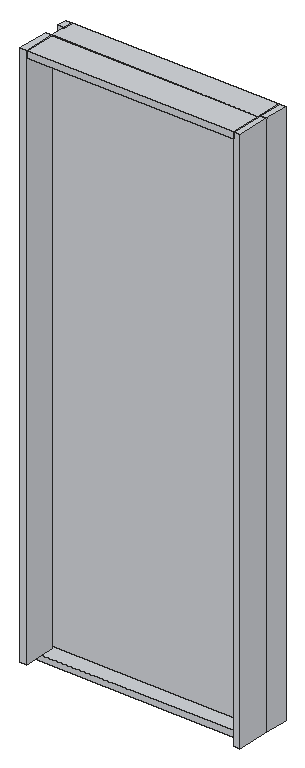
Revit family "Dor_片引き戸_引込み", category ドア, Revit 2020
Family settings
  ホスト = 壁
  常に垂直 = はい
  ロード時にボイドで切り取り = はい
  共有 = いいえ
  部屋計算ポイント = いいえ
Parameters (values of type "片引き戸_引込み")
  開口逃げ位置表示 [instance] = no
  金物_施錠方式(外) = ""
  金物_施錠方式(内) = ""
  金物_支持金物 = ""
  金物_操作金物 = ""
  金物_戸当り = ""
  金物_固定金物 = ""
  金物_フランス落し = ""
  金物_クローザー = ""
  逃げ_左 = 60 mm
  逃げ_右 = 60 mm
  解析用性能 = "<なし>"
  符号_建具記号 = ""
  符号_建具番号 = ""
  法_随時閉鎖 = yes
  法_防火性能 = ""
  法_遮煙 = yes
  法_常時閉鎖 = yes
  沓摺表示 [instance] = yes
  枠見付上_外側 = 25 mm
  枠見付上_内側 = 25 mm
  文字_ガラス厚 = ""
  引き残し = 120 mm
  沓摺見込_Kg [instance] = 150 mm
  ラベル_遮煙 = if(法_遮煙, "S", " ")  # "S"
  ラベル_法囲み = if(法_常時閉鎖, "□", if(法_随時閉鎖, "〇", " "))  # "□"
  マテリアル_ハンドル = none
  ボード厚 [instance] = 25 mm
  ドアパネルタイプ = DP_フラッシュ : フラッシュ
  スリット/小窓位置：戸先 [instance] = yes
  クリアランス_戸尻枠 = 30 mm
  クリアランス_壁パネル間 = 10 mm
  ガラス厚 = 6 mm
  calc_沓摺幅 = パネル幅1 + calc_戸尻位置 + クリアランス_戸尻枠  # 1560 mm
  沓摺タイプ = Kg_沓摺_引込み : Kg_沓摺_引込み
  次による断熱プロパティの定義 = スキーマティック タイプ
  文字_額縁材質 = ""
  文字_額縁仕上 = ""
  文字_沓摺材質 = ""
  文字_沓摺仕上 = ""
  文字_枠材質 = ""
  文字_枠仕上 = ""
  文字_建具材質 = ""
  文字_建具仕上 = ""
  文字_取付場所 = ""
  文字_備考 = ""
  文字_パネル厚 = ""
  文字_ガラリ材質 = ""
  文字_ガラリ仕上 = ""
  文字_ガラス材質 = ""
  文字_アンダーカット = ""
  性能_遮音 = ""
  性能_気密 = ""
  形状_沓摺形状 = ""
  形状_枠形状 = ""
  形状_建具形式 = ""
  形状_ガラリ形状 = ""
  calc_戸袋見込 = パネル厚 + 14 mm + LOCK  # 59 mm
  calc_戸尻位置 = パネル幅1 - 引き残し  # 705 mm
  calc_壁芯ずれ [instance] = オフセット_内側 / 2 + LOCK  # 25 mm
  マテリアル_沓摺 = none
  マテリアル_枠 = none
  マテリアル_パネル = none
  マテリアル_ガラリ = none
  マテリアル_ガラス = none
  パネル幅2 = 0 mm  # constant formula
  パネル幅1 = 幅 + 枠見付  # 825 mm
  引手表示 [instance] = yes
  Keynote = ""
  オフセット_内側 [instance] = 50 mm
  calc_全幅 = W寸法 + calc_戸尻位置 + クリアランス_戸尻枠 + 枠見付  # 1560 mm
  calc_パネル中心_幅 = 枠見付 / 2 + LOCK  # 12.5 mm
  calc_パネル中心_厚 [instance] = ボード厚 + LGS厚 / 2 + 枠ちり外 + LOCK  # 68.5 mm
  W寸法 = 800 mm
  LOCK = 0 mm  # constant formula
  Function = (empty or 0)
  Description = ""
  Rough Width = 0 mm
  高さ = H寸法 + LOCK  # 2100 mm
  枠見付 = 25 mm
  枠ちり外 = 10 mm
  枠ちり内 = 10 mm
  引手_高さ = 900 mm
  引手_オフセット = 80 mm
  戸当見込 = 50 mm
  戸当見付 = 15 mm
  Construction Type = ""
  Wall Closure = (empty or 0)
  幅 = W寸法 + LOCK  # 800 mm
  Rough Height = 0 mm
  パネル高 = 高さ - アンダーカット  # 2095 mm
  パネル幅 = パネル幅1 + LOCK  # 825 mm
  パネル厚 = 45 mm
  アンダーカット = 5 mm
  LGS厚 [instance] = 67 mm
  H寸法 = 2100 mm
Reference planes
  plane 1: y = 0.417
  plane 2 "中心(左/右)": x = 0
  plane 3 "EXT.": y = 75.417
  plane 4 "内壁": y = -74.583
  plane 5 "左": x = -400
  plane 6 "右": x = 400
  plane 7 "上側": z = 2100
  plane 8: z = 0
  plane 9 "枠ちり外": y = 85.417
  plane 10 "枠外側左": x = -425
  plane 11 "枠外側右": x = 425
  plane 12 "枠見付_上": z = 2125
  plane 13: z = 5
  plane 14 "オフセット": y = -124.583
  plane 15 "枠ちり内": y = -134.583
  plane 16: y = 65.417
  plane 17: x = -430
  plane 18: x = 430
  plane 19: y = 65.417
  plane 20: y = -114.583
  plane 21: y = -129.583
  plane 22 "パネル中心": y = 16.917
  plane 23: z = 900
  plane 24 "ボード厚": y = 50.417
  plane 25: x = -1130
  plane 26: x = -1160
  plane 27: x = -1185
  plane 28: z = 2125
  plane 29 "パネル幅中心": x = -12.5
  plane 30 "引手位置": x = 320
  plane 31 "沓摺中心": x = -380
  plane 32: y = 65
  plane 33: z = 1050
  plane 34 "LGS厚": y = -16.583
  plane 35 "戸袋内側": y = -12.583
  plane 36 "戸袋外側": y = 46.417
  plane 37: x = -420
  plane 38: y = 80.417
  plane 39: y = 39.417
  plane 40: y = -5.583
  plane 41: z = 2127
  plane 42: z = 2128
  plane 43: y = -14.583
  plane 44: y = -5.583
  plane 45: y = 39.417
  plane 46 "壁芯": y = -61.583
  plane 47: x = -280
Forms (mm)
  Extrusion 1, void
    sketch origin (0, 0, 0) x (1, 0, 0) y (0, 1, 0)
      loop
        line (-425, -124.583) -> (425, -124.583) -> (425, 50.417) -> (-425, 50.417) -> (-425, -124.583)
    from 0 to 2125
  Extrusion 2, void
    sketch origin (0, 0, 0) x (1, 0, 0) y (0, 1, 0)
      loop
        line (-425, 75.417) -> (-425, 46.417) -> (425, 46.417) -> (425, 75.417) -> (-425, 75.417)
    from 0 to 2125
  Extrusion 3, solid, material <- "マテリアル_枠"
    sketch origin (0, 0, 0) x (1, 0, 0) y (0, 1, 0)
      loop
        line (-400, 85.417) -> (-400, -12.583) -> (400, -12.583) -> (400, 85.417) -> (-400, 85.417)
    from 2100 to 2125
  Extrusion 4, solid, material <- "マテリアル_枠"
    sketch origin (0, 0, 0) x (1, 0, 0) y (0, 1, 0)
      loop
        line (-400, -134.583) -> (400, -134.583) -> (400, 46.417) -> (-400, 46.417) -> (-400, -134.583)
    from 2100 to 2125
  Extrusion 5, solid, material <- "マテリアル_枠"
    sketch origin (0, 0, 0) x (1, 0, 0) y (0, 1, 0)
      loop
        line (-425, -134.583) -> (-400, -134.583) -> (-400, -12.583) -> (-425, -12.583) -> (-425, -134.583)
      loop
        line (400, -134.583) -> (425, -134.583) -> (425, -5.583) -> (400, -5.583) -> (400, -134.583)
    from 0 to 2125
  Extrusion 6, solid, material <- "マテリアル_枠"
    sketch origin (0, 0, 0) x (1, 0, 0) y (0, 1, 0)
      loop
        line (-425, 46.417) -> (-400, 46.417) -> (-400, 85.417) -> (-425, 85.417) -> (-425, 46.417)
      loop
        line (400, -5.583) -> (425, -5.583) -> (425, 85.417) -> (400, 85.417) -> (400, -5.583)
    from 0 to 2125
  Extrusion 7, void
    sketch origin (0, 0, 0) x (1, 0, 0) y (0, 1, 0)
      loop
        line (-1185, -16.583) -> (-425, -16.583) -> (-425, 50.417) -> (-1185, 50.417) -> (-1185, -16.583)
    from 0 to 2125
Cuts and joins
  Extrusion 7 cuts Extrusion 5
  Extrusion 7 cuts Extrusion 6
Lines and regions (mm)
  Masking region 1
    outline origin (0, 0, 0) x (0, 1, 0) y (0, 0, 1)
      loop
        line (39.417, 2100) -> (-5.583, 2100) -> (-5.583, 5) -> (39.417, 5) -> (39.417, 2100)
  Masking region 2
    outline origin (0, 0, 0) x (0, 1, 0) y (0, 0, 1)
      loop
        line (65.417, 2125) -> (65.417, 2128) -> (-14.583, 2128) -> (-14.583, 2127) -> (-114.583, 2127) -> (-114.583, 2125) -> (-134.583, 2125) -> (-134.583, 2100) -> (85.417, 2100) -> (85.417, 2125) -> (65.417, 2125)
  Masking region 3, detail levels medium+fine
    outline origin (0, 0, 0) x (1, 0, 0) y (0, 1, 0)
      loop
        line (-425, -12.583) -> (-425, -134.583) -> (-400, -134.583) -> (-400, -12.583) -> (-425, -12.583)
      loop
        line (425, -134.583) -> (425, 85.417) -> (400, 85.417) -> (400, -134.583) -> (425, -134.583)
      loop
        line (-1185, -16.583) -> (-1160, -16.583) -> (-1160, 50.417) -> (-1185, 50.417) -> (-1185, -16.583)
      loop
        line (-425, 85.417) -> (-425, 46.417) -> (-400, 46.417) -> (-400, 85.417) -> (-425, 85.417)
  Masking region 4, detail levels coarse
    outline origin (0, 0, 0) x (1, 0, 0) y (0, 1, 0)
      loop
        line (-430, -16.583) -> (-430, -124.583) -> (-400, -124.583) -> (-400, -16.583) -> (-430, -16.583)
      loop
        line (430, 75.417) -> (400, 75.417) -> (400, -124.583) -> (430, -124.583) -> (430, 75.417)
      loop
        line (-430, 50.417) -> (-400, 50.417) -> (-400, 75.417) -> (-430, 75.417) -> (-430, 50.417)
      loop
        line (-1160, 50.417) -> (-1160, 55.417) -> (-1190, 55.417) -> (-1190, -21.583) -> (-1160, -21.583) -> (-1160, -16.583) -> (-1160, 50.417)
  Masking region 5, detail levels medium+fine
    outline origin (0, 0, 0) x (1, 0, 0) y (0, 1, 0)
      loop
        line (-425, -16.583) -> (-425, -12.583) -> (-420, -12.583) -> (-420, 46.417) -> (-425, 46.417) -> (-425, 50.417) -> (-1160, 50.417) -> (-1160, -16.583) -> (-425, -16.583)
  Masking region 6, detail levels coarse
    outline origin (0, 0, 0) x (1, 0, 0) y (0, 1, 0)
      loop
        line (-1160, -16.583) -> (-425, -16.583) -> (-400, -16.583) -> (-400, 50.417) -> (-425, 50.417) -> (-1160, 50.417) -> (-1160, -16.583)
  Masking region 7
    outline origin (0, 0, 0) x (0, 1, 0) y (0, 0, 1)
      loop
        line (-134.583, 5) -> (-5.583, 5) -> (-5.583, 2100) -> (-134.583, 2100) -> (-134.583, 5)
      loop
        line (85.417, 5) -> (85.417, 2100) -> (39.417, 2100) -> (39.417, 5) -> (85.417, 5)
  symbolic lines
    curve 1: line (0, 135.417, 0) -> (0, -184.583, 0)
Text (mm)
  text "EXT." at (-2295.016, 1099.543, 0), in view "基準レベル"
  text "外部" at (0, 1615.38, 3698.081), in view "左"
  text "外部" at (0, 1036.032, 3874.932), in view "右"
  text "内部" at (0, -1175.082, 3874.932), in view "右"
  text "内部" at (-2295.016, -1087.353, 0), in view "基準レベル"
Dimensions and locks
  equal spacing: plane 5 "左", plane 2 "中心(左/右)", plane 6 "右"
  locked: plane 3 "EXT." to host wall
  locked: plane 4 "内壁" to host wall
  "W寸法": plane 5 "左" to plane 6 "右"
  "H寸法": plane 8 to plane 7 "上側"
  "枠ちり外": plane 3 "EXT." to plane 9 "枠ちり外"
  "枠ちり内": plane 14 "オフセット" to plane 15 "枠ちり内"
  "アンダーカット": plane 13 to plane 8
  locked: plane 3 "EXT." to plane 16 at 10
  locked: curve 1 to plane 9 "枠ちり外" at 50
  locked: plane 15 "枠ちり内" to curve 1 at 50
  plane 4 "内壁" to plane 3 "EXT." = 150 mm
  locked: plane 17 to plane 10 "枠外側左" at 5
  locked: plane 11 "枠外側右" to plane 18 at 5
  locked: plane 19 to plane 3 "EXT." at 10
  locked: plane 20 to plane 14 "オフセット" at 10
  locked: plane 14 "オフセット" to plane 21 at 5
  "calc_パネル中心_厚": plane 9 "枠ちり外" to plane 22 "パネル中心"
  "引手_高さ": plane 23 to level
  "枠見付": plane 6 "右" to plane 11 "枠外側右"
  "枠見付": plane 10 "枠外側左" to plane 5 "左"
  plane 7 "上側" to plane 12 "枠見付_上" = 25 mm
  "クリアランス_戸尻枠": plane 26 to plane 25
  "枠見付": plane 27 to plane 26
  "枠見付上_外側": plane 12 "枠見付_上" to plane 7 "上側"
  "枠見付上_内側": plane 28 to plane 7 "上側"
  "calc_パネル中心_幅": plane 29 "パネル幅中心" to plane 2 "中心(左/右)"
  "calc_戸尻位置": plane 25 to plane 10 "枠外側左"
  equal spacing: plane 26, plane 31 "沓摺中心", plane 6 "右"
  "引手_オフセット": plane 30 "引手位置" to plane 6 "右"
  plane 32 to plane 3 "EXT." = 10.417 mm
  equal spacing: plane 8, plane 33, plane 7 "上側"
  "ボード厚": plane 24 "ボード厚" to plane 3 "EXT."
  "LGS厚": plane 24 "ボード厚" to plane 34 "LGS厚"
  equal spacing: plane 36 "戸袋外側", plane 22 "パネル中心", plane 35 "戸袋内側"
  "calc_戸袋見込": plane 36 "戸袋外側" to plane 35 "戸袋内側"
  plane 10 "枠外側左" to plane 37 = 5 mm
  plane 3 "EXT." to plane 38 = 5 mm
  equal spacing: plane 39, plane 22 "パネル中心", plane 40
  "パネル厚": plane 39 to plane 40
  plane 28 to plane 41 = 2 mm
  plane 42 to plane 12 "枠見付_上" = 3 mm
  "オフセット_内側": plane 4 "内壁" to plane 14 "オフセット"
  plane 35 "戸袋内側" to plane 43 = 2 mm
  equal spacing: plane 45, plane 22 "パネル中心", plane 44
  "パネル厚": plane 45 to plane 44
  locked: plane 34 "LGS厚" to plane 46 "壁芯" at 45
  locked: Masking region 4 sketch curve to plane 27 at 5
  locked: Masking region 4 sketch curve to plane 24 "ボード厚" at 5
  locked: plane 34 "LGS厚" to Masking region 4 sketch curve at 5
  "引き残し": plane 5 "左" to plane 47
  aligned and locked: plane 1 to host wall
  aligned and locked: level to plane 8
  aligned and locked: Extrusion 2 sketch curve to host wall
  aligned and locked: plane 10 "枠外側左" to Extrusion 2 sketch curve
  aligned and locked: plane 11 "枠外側右" to Extrusion 2 sketch curve
  aligned and locked: plane 12 "枠見付_上" to Extrusion 2
  aligned and locked: Extrusion 1 to plane 14 "オフセット"
  aligned and locked: Masking region 2 sketch curve to plane 15 "枠ちり内"
  aligned and locked: plane 9 "枠ちり外" to Masking region 2 sketch curve
  aligned and locked: Masking region 4 sketch curve to plane 17  (x2)
  aligned and locked: plane 6 "右" to Masking region 4 sketch curve
  aligned and locked: Masking region 4 sketch curve to plane 18
  aligned and locked: plane 14 "オフセット" to Masking region 4 sketch curve
  aligned and locked: Masking region 4 sketch curve to plane 14 "オフセット"
  aligned and locked: plane 6 "右" to Masking region 3 sketch curve
  aligned and locked: plane 9 "枠ちり外" to Masking region 3 sketch curve
  aligned and locked: plane 5 "左" to Masking region 3 sketch curve  (x2)
  aligned and locked: Extrusion 3 sketch curve to plane 6 "右"
  aligned and locked: Extrusion 4 sketch curve to plane 15 "枠ちり内"
  aligned and locked: plane 5 "左" to Extrusion 4 sketch curve
  aligned and locked: Extrusion 4 sketch curve to plane 6 "右"
  aligned and locked: plane 12 "枠見付_上" to Extrusion 3
  aligned and locked: plane 7 "上側" to Extrusion 3
  aligned and locked: Extrusion 1 to plane 28
  aligned and locked: plane 24 "ボード厚" to Extrusion 1 sketch curve
  aligned and locked: Extrusion 5 sketch curve to plane 15 "枠ちり内"  (x2)
  aligned and locked: Extrusion 5 sketch curve to plane 5 "左"
  aligned and locked: Extrusion 5 sketch curve to plane 10 "枠外側左"
  aligned and locked: plane 6 "右" to Extrusion 5 sketch curve
  aligned and locked: Extrusion 5 sketch curve to plane 11 "枠外側右"
  aligned and locked: Extrusion 5 to plane 28
  aligned and locked: Extrusion 4 to plane 28
  aligned and locked: plane 7 "上側" to Extrusion 4
  aligned and locked: plane 29 "パネル幅中心" to nested 2
  aligned and locked: plane 30 "引手位置" to nested 4
  aligned and locked: nested 4 to plane 23
  aligned and locked: plane 2 "中心(左/右)" to nested 5
  aligned and locked: plane 33 to nested 5
  aligned and locked: nested 3 to plane 22 "パネル中心"
  aligned and locked: plane 22 "パネル中心" to nested 4
  aligned and locked: Masking region 3 sketch curve to plane 35 "戸袋内側"
  aligned and locked: plane 35 "戸袋内側" to Extrusion 5 sketch curve
  aligned and locked: Masking region 4 sketch curve to plane 3 "EXT."
  aligned and locked: Masking region 4 sketch curve to plane 5 "左"
  aligned and locked: nested 2 to plane 22 "パネル中心"
  aligned and locked: Masking region 3 sketch curve to plane 27
  aligned and locked: plane 26 to Masking region 3 sketch curve
  aligned and locked: plane 24 "ボード厚" to Masking region 3 sketch curve
  aligned and locked: Masking region 3 sketch curve to plane 34 "LGS厚"
  aligned and locked: plane 10 "枠外側左" to Masking region 3 sketch curve
  aligned and locked: Masking region 3 sketch curve to plane 36 "戸袋外側"
  aligned and locked: Masking region 3 sketch curve to plane 9 "枠ちり外"
  aligned and locked: plane 34 "LGS厚" to Masking region 5 sketch curve
  aligned and locked: Masking region 5 sketch curve to plane 24 "ボード厚"
  aligned and locked: plane 26 to Masking region 5 sketch curve
  aligned and locked: Masking region 5 sketch curve to plane 10 "枠外側左"  (x2)
  aligned and locked: plane 36 "戸袋外側" to Masking region 5 sketch curve
  aligned and locked: Masking region 5 sketch curve to plane 37
  aligned and locked: plane 35 "戸袋内側" to Masking region 5 sketch curve
  aligned and locked: plane 24 "ボード厚" to Masking region 6 sketch curve  (x2)
  aligned and locked: Masking region 6 sketch curve to plane 34 "LGS厚"  (x2)
  aligned and locked: Masking region 6 sketch curve to plane 26
  aligned and locked: Masking region 6 sketch curve to plane 5 "左"
  aligned and locked: plane 10 "枠外側左" to Masking region 6 sketch curve  (x2)
  aligned and locked: Masking region 4 sketch curve to plane 34 "LGS厚"
  aligned and locked: Masking region 4 sketch curve to plane 24 "ボード厚"
  aligned and locked: Extrusion 3 sketch curve to plane 9 "枠ちり外"
  aligned and locked: Extrusion 3 sketch curve to plane 5 "左"
  aligned and locked: Extrusion 2 sketch curve to plane 36 "戸袋外側"
  aligned and locked: plane 7 "上側" to Masking region 2 sketch curve  (x2)
  aligned and locked: Masking region 2 sketch curve to plane 28
  aligned and locked: Extrusion 4 sketch curve to plane 36 "戸袋外側"
  aligned and locked: plane 7 "上側" to Masking region 1 sketch curve
  aligned and locked: Masking region 1 to nested 3
  aligned and locked: Masking region 1 sketch curve to plane 40
  aligned and locked: Masking region 1 sketch curve to plane 39
  aligned and locked: plane 42 to Masking region 2 sketch curve
  aligned and locked: Masking region 2 sketch curve to plane 42
  aligned and locked: plane 19 to Masking region 2 sketch curve
  aligned and locked: plane 41 to Masking region 2 sketch curve  (x2)
  aligned and locked: Masking region 2 sketch curve to plane 20
  aligned and locked: plane 20 to Masking region 2 sketch curve
  aligned and locked: nested 1 to plane 22 "パネル中心"
  aligned and locked: plane 9 "枠ちり外" to Extrusion 6 sketch curve  (x2)
  aligned and locked: plane 6 "右" to Extrusion 6 sketch curve
  aligned and locked: Extrusion 6 sketch curve to plane 11 "枠外側右"
  aligned and locked: Extrusion 6 sketch curve to plane 5 "左"
  aligned and locked: Extrusion 6 sketch curve to plane 10 "枠外側左"
  aligned and locked: plane 36 "戸袋外側" to Extrusion 6 sketch curve
  aligned and locked: plane 12 "枠見付_上" to Extrusion 6
  aligned and locked: plane 43 to Masking region 2 sketch curve
  aligned and locked: Extrusion 3 sketch curve to plane 35 "戸袋内側"
  aligned and locked: Extrusion 6 sketch curve to plane 44
  aligned and locked: plane 44 to Extrusion 5 sketch curve
  aligned and locked: Masking region 7 sketch curve to plane 7 "上側"
  aligned and locked: plane 7 "上側" to Masking region 7 sketch curve
  aligned and locked: Masking region 7 sketch curve to plane 45
  aligned and locked: Masking region 7 sketch curve to plane 44
  aligned and locked: plane 13 to Masking region 7 sketch curve
  aligned and locked: plane 9 "枠ちり外" to Masking region 7 sketch curve
  aligned and locked: plane 15 "枠ちり内" to Masking region 7 sketch curve
  aligned and locked: Extrusion 7 sketch curve to plane 27
  aligned and locked: Extrusion 7 sketch curve to plane 34 "LGS厚"
  aligned and locked: plane 24 "ボード厚" to Extrusion 7 sketch curve
  aligned and locked: plane 10 "枠外側左" to Extrusion 7 sketch curve
  aligned and locked: Extrusion 7 to plane 12 "枠見付_上"
  aligned and locked: plane 29 "パネル幅中心" to nested 1
  aligned and locked: curve 1 to plane 2 "中心(左/右)"
  aligned and locked: Masking region 4 sketch curve to plane 26
  aligned and locked: plane 31 "沓摺中心" to nested 6
  aligned and locked: nested 6 to plane 22 "パネル中心"
Automatic sketch dimensions
  Extrusion 1 sketch curve to plane 10 "枠外側左" = 0 mm
  Extrusion 1 sketch curve to plane 11 "枠外側右" = 0 mm
  Extrusion 1 sketch curve to plane 14 "オフセット" = 0 mm
  Masking region 1 sketch curve to plane 13 = 0 mm
  Masking region 2 sketch curve to plane 12 "枠見付_上" = 0 mm
  Masking region 7 sketch curve to plane 13 = 0 mm
  Masking region 3 sketch curve to plane 10 "枠外側左" = 0 mm
  Masking region 3 sketch curve to plane 11 "枠外側右" = 0 mm
  Masking region 3 sketch curve to plane 15 "枠ちり内" = 0 mm  (x2)
  Masking region 4 sketch curve to plane 5 "左" = 0 mm
  Masking region 4 sketch curve to plane 34 "LGS厚" = 0 mm
  Masking region 4 sketch curve to plane 24 "ボード厚" = 0 mm
  Masking region 4 sketch curve to host wall = 0 mm
Nested families
  nested 1: "Kg_沓摺_引込み" at (-12.5, 16.917, 0), アンダーカット <- "アンダーカット", パネル厚 <- "パネル厚", パネル幅 <- "パネル幅1", 沓摺材質 <- "マテリアル_沓摺", type <- "沓摺タイプ", パネル中心位置 <- "calc_パネル中心_厚", 沓摺見込 <- "沓摺見込_Kg", visible <- "沓摺表示", type "Kg_沓摺_引込み"
    with 沓摺見込 150 mm, 沓摺材質 none, パネル幅 825 mm, パネル厚 45 mm, パネル中心位置 68.5 mm, アンダーカット 5 mm
  nested 2: "平面_引き戸" at (-12.5, 16.917, 0), type "平面_引き戸"
  nested 3: "DP_フラッシュ" at (-12.5, 16.917, 0), マテリアル_パネル <- "マテリアル_パネル", 幅 <- "パネル幅1", 高さ <- "パネル高", Thickness <- "パネル厚", type <- "ドアパネルタイプ", アンダーカット <- "アンダーカット", マテリアル_ガラス <- "マテリアル_ガラス", マテリアル_ガラリ <- "マテリアル_ガラリ", スリット/小窓位置：戸先 <- "スリット/小窓位置：戸先", ガラス厚 <- "ガラス厚", type "フラッシュ"
    with 高さ 2095 mm, 幅 825 mm, built-in parameter 1001302 45 mm, マテリアル_パネル none, マテリアル_ガラリ none, マテリアル_ガラス none, スリット/小窓位置：戸先 yes, ガラス厚 6 mm, アンダーカット 5 mm
  nested 4: "Ha_引手" at (320, 16.917, 900) x (-1, 0, 0) z (0, 0, 1), visible <- "引手表示", type "Ha_引手"
    with パネル厚 45 mm
  nested 5: "立面_スイング_引き戸" at (0, 75.417, 1050) x (1, 0, 0) z (0, -1, 0), type "立面_スイング_引き戸"
    with 幅 250 mm
  nested 6: "平面_逃げ位置" at (-380, 16.917, 0), 幅 <- "calc_全幅", 逃げ_右 <- "逃げ_右", 逃げ_左 <- "逃げ_左", visible <- "開口逃げ位置表示", type "平面_逃げ位置"
    with 逃げ_左 60 mm, 逃げ_右 60 mm, 幅 1560 mm
Definition of nested family "Kg_沓摺_引込み"
  Parameters (values of type "Kg_沓摺_引込み")
    沓摺材質 [instance] = none
    枠見付 = 25 mm
    Default Elevation = 0 mm
    戸袋見込 = 59 mm
    パネル中心位置 [instance] = 80 mm
    沓摺見込 [instance] = 150 mm
    パネル幅 [instance] = 600 mm
    パネル厚 [instance] = 45 mm
    アンダーカット [instance] = 5 mm
  Reference planes
    plane 1 "中心(正面/背面)": y = 0
    plane 2: z = 0
    plane 3 "中心(左/右)": x = 0
    plane 4 "パネル内側": y = -22.5
    plane 5: x = -300
    plane 6: x = 300
    plane 7: z = 5
    plane 8: z = 3
    plane 9 "パネル外側": y = 22.5
    plane 10: z = -20
    plane 11: y = 80
    plane 12: y = -70
    plane 13: x = -275
    plane 14: y = 29.5
    plane 15: y = -29.5
  Forms (mm)
    Extrusion 1, solid, material <- "沓摺材質"
      sketch origin (0, 0, 0) x (0, 1, 0) y (0, 0, 1)
        loop
          line (80, -20) -> (80, 3) -> (-70, 3) -> (-70, -20) -> (80, -20)
      from -300 to 300
  Lines and regions (mm)
    Masking region 1
      outline origin (0, 0, 0) x (0, 1, 0) y (0, 0, 1)
        loop
          line (-70, -20) -> (80, -20) -> (80, 3) -> (-70, 3) -> (-70, -15) -> (-70, -20)
    Masking region 2, detail levels medium+fine
      outline origin (0, 0, 0) x (1, 0, 0) y (0, 1, 0)
        loop
          line (-275, 80) -> (-275, 29.5) -> (-275, -29.5) -> (-275, -70) -> (300, -70) -> (300, 80) -> (-275, 80)
  Dimensions and locks
    "パネル幅": plane 5 to plane 6
    equal spacing: plane 5, plane 3 "中心(左/右)", plane 6
    "アンダーカット": plane 7 to plane 2
    locked: plane 7 to plane 8 at 2
    equal spacing: plane 9 "パネル外側", plane 1 "中心(正面/背面)", plane 4 "パネル内側"
    "パネル厚": plane 9 "パネル外側" to plane 4 "パネル内側"
    locked: plane 7 to plane 10 at 25
    Masking region 1 sketch curve to plane 2 = 15 mm
    "パネル中心位置": plane 1 "中心(正面/背面)" to plane 11
    "沓摺見込": plane 11 to plane 12
    "枠見付": plane 5 to plane 13
    equal spacing: plane 14, plane 1 "中心(正面/背面)", plane 15
    "戸袋見込": plane 14 to plane 15
    aligned and locked: level to plane 2
    aligned and locked: Extrusion 1 sketch curve to plane 10
    aligned and locked: Extrusion 1 sketch curve to plane 8
    aligned and locked: plane 6 to Extrusion 1
    aligned and locked: Extrusion 1 to plane 5
    aligned and locked: Masking region 1 sketch curve to plane 8
    aligned and locked: Masking region 1 sketch curve to plane 10
    aligned and locked: plane 11 to Masking region 1 sketch curve
    aligned and locked: plane 11 to Extrusion 1 sketch curve
    aligned and locked: Masking region 1 sketch curve to plane 12
    aligned and locked: plane 12 to Extrusion 1 sketch curve
    aligned and locked: Masking region 2 sketch curve to plane 11
    aligned and locked: plane 12 to Masking region 2 sketch curve
    aligned and locked: Masking region 2 sketch curve to plane 6
    aligned and locked: plane 14 to Masking region 2 sketch curve
    aligned and locked: plane 15 to Masking region 2 sketch curve
    aligned and locked: Masking region 2 sketch curve to plane 13
Definition of nested family "DP_フラッシュ"
  Parameters (values of type "フラッシュ")
    Height [instance] = 1995 mm
    Analytic Construction = "<なし>"
    Define Thermal Properties by = 1
    マテリアル_パネル [instance] = none
    Thickness [instance] = 40 mm
    Width [instance] = 800 mm
    マテリアル_ガラリ [instance] = none
    マテリアル_ガラス [instance] = none
    スリット/小窓位置：戸先 [instance] = yes
    ガラス厚 [instance] = 0 mm
    アンダーカット [instance] = 5 mm
  Reference planes
    plane 1 "中心(正面/背面)": y = 0
    plane 2 "下": z = 0
    plane 3 "中心(左/右)": x = 0
    plane 4 "右": x = 400
    plane 5 "左": x = -400
    plane 6 "前面": y = 20
    plane 7 "背面": y = -20
    plane 8 "上": z = 2000
    plane 9: z = 5
  Forms (mm)
    Extrusion 1, solid, material <- "マテリアル_パネル"
      sketch origin (0, 0, 0) x (1, 0, 0) y (0, 0, 1)
        loop
          line (-400, 2000) -> (-400, 5) -> (400, 5) -> (400, 2000) -> (-400, 2000)
      from -20 to 20
  Dimensions and locks
    equal spacing: plane 5 "左", plane 3 "中心(左/右)", plane 4 "右"
    "Width": plane 5 "左" to plane 4 "右"
    equal spacing: plane 6 "前面", plane 1 "中心(正面/背面)", plane 7 "背面"
    "Thickness": plane 6 "前面" to plane 7 "背面"
    "アンダーカット": plane 9 to plane 2 "下"
    "Height": plane 8 "上" to plane 9
    aligned and locked: level to plane 2 "下"
    aligned and locked: Extrusion 1 sketch curve to plane 8 "上"
    aligned and locked: plane 5 "左" to Extrusion 1 sketch curve
    aligned and locked: Extrusion 1 sketch curve to plane 4 "右"
    aligned and locked: plane 6 "前面" to Extrusion 1
    aligned and locked: Extrusion 1 to plane 7 "背面"
    aligned and locked: plane 9 to Extrusion 1 sketch curve
Definition of nested family "Ha_引手"
  Parameters (values of type "Ha_引手")
    Analytic Construction = "<なし>"
    Define Thermal Properties by = 1
    パネル厚 = 30 mm
    ハンドル = none
    Keynote = "08730.C5"
  Reference planes
    plane 1 "中心(正面/背面)": y = 0
    plane 2: z = 0
    plane 3 "中心 (左/右)": x = 0
    plane 4: y = 15
    plane 5: y = -15
    plane 6: y = -20
    plane 7: y = 20
  Forms (mm)
    Extrusion 1, solid, material <- "ハンドル"
      sketch origin (-30, -15, 0) x (1, 0, 0) y (0, 0, 1)
        loop
          line (20, -40) -> (40, -40) -> (40, 40) -> (20, 40) -> (20, -40)
      from -35 to 5
    Extrusion 2, void
      sketch origin (0, -15, 0) x (-1, 0, 0) y (0, 0, 1)
        loop
          line (5, -25) -> (5, 25) -> (-5, 25) -> (-5, -25) -> (5, -25)
      from -5 to 0
    Extrusion 3, void
      sketch origin (0, 15, 0) x (-1, 0, 0) y (0, 0, 1)
        loop
          line (-5, 25) -> (-5, -25) -> (5, -25) -> (5, 25) -> (-5, 25)
      from 0 to 5
  Cuts and joins
    Extrusion 2, Extrusion 3 cuts Extrusion 1
  Dimensions and locks
    equal spacing: plane 5, plane 1 "中心(正面/背面)", plane 4
    "パネル厚": plane 5 to plane 4
    locked: plane 6 to plane 5 at 5
    locked: plane 4 to plane 7 at 5
    aligned and locked: plane 6 to Extrusion 1
    aligned and locked: Extrusion 1 to plane 7
    aligned and locked: Extrusion 1 to Extrusion 2
    aligned and locked: Extrusion 1 to Extrusion 3
  Automatic sketch dimensions
    Extrusion 1 sketch curve to plane 3 "中心 (左/右)" = 10 mm
    plane 3 "中心 (左/右)" to Extrusion 1 sketch curve = 10 mm
    Extrusion 1 sketch curve to level = 40 mm
    level to Extrusion 1 sketch curve = 40 mm
    plane 3 "中心 (左/右)" to Extrusion 2 sketch curve = 5 mm
    Extrusion 2 sketch curve to plane 3 "中心 (左/右)" = 5 mm
    Extrusion 2 sketch curve to level = 25 mm
    level to Extrusion 2 sketch curve = 25 mm
    plane 3 "中心 (左/右)" to Extrusion 3 sketch curve = 5 mm
    Extrusion 3 sketch curve to plane 3 "中心 (左/右)" = 5 mm
    Extrusion 3 sketch curve to level = 25 mm
    level to Extrusion 3 sketch curve = 25 mm
Definition of nested family "平面_引き戸"
  Parameters (values of type "平面_引き戸")
    引き残し = 120 mm
    幅 = 825 mm
    パネル幅 = 幅  # 825 mm
    パネル厚 = 45 mm
  Reference planes
    plane 1 "中心(正面/背面)": y = 0
    plane 2: z = 0
    plane 3 "中心(左/右)": x = 0
    plane 4: x = -412.5
    plane 5: x = 412.5
    plane 6 "内側": y = -22.5
    plane 7 "外側": y = 22.5
    plane 8: x = -292.5
    plane 9: x = -1117.5
  Lines and regions (mm)
    Masking region 1, in view "基準レベル", detail levels medium+fine
      outline origin (0, 0, 0) x (1, 0, 0) y (0, 1, 0)
        loop
          line (-412.5, -22.5) -> (412.5, -22.5) -> (412.5, 22.5) -> (-412.5, 22.5) -> (-412.5, -22.5)
    detail lines, in view "基準レベル", detail levels medium+fine
      curve 1: line (-412.5, -22.5, 0) -> (-1117.5, -22.5, 0)
      curve 2: line (-1117.5, -22.5, 0) -> (-1117.5, 22.5, 0)
      curve 3: line (-1117.5, 22.5, 0) -> (-412.5, 22.5, 0)
    detail lines, in view "基準レベル", detail levels coarse
      curve 4: line (412.5, 0, 0) -> (-412.5, 0, 0)
      curve 5: line (-1117.5, 0, 0) -> (-412.5, 0, 0)
  Dimensions and locks
    equal spacing: plane 4, plane 3 "中心(左/右)", plane 5
    "幅": plane 4 to plane 5
    "パネル厚": plane 7 "外側" to plane 6 "内側"
    equal spacing: plane 7 "外側", plane 1 "中心(正面/背面)", plane 6 "内側"
    "引き残し": plane 4 to plane 8
    "幅": plane 9 to plane 8
    aligned and locked: Masking region 1 sketch curve to plane 6 "内側"
    aligned and locked: Masking region 1 sketch curve to plane 4
    aligned and locked: plane 5 to Masking region 1 sketch curve
    aligned and locked: plane 7 "外側" to Masking region 1 sketch curve
    aligned and locked: plane 5 to curve 4
    aligned and locked: curve 3 to plane 7 "外側"
    aligned and locked: plane 9 to curve 2
    aligned and locked: Masking region 1 to plane 4
    aligned and locked: plane 6 "内側" to curve 1
    aligned and locked: Masking region 1 to plane 6 "内側"
    aligned and locked: plane 5 to Masking region 1
    aligned and locked: plane 4 to curve 4
    aligned and locked: plane 9 to curve 5
    aligned and locked: plane 1 "中心(正面/背面)" to curve 5
    aligned and locked: curve 4 to plane 1 "中心(正面/背面)"
  Automatic sketch dimensions
    curve 3 to plane 4 = 0 mm
    curve 1 to plane 4 = 0 mm
Definition of nested family "立面_スイング_引き戸"
  Parameters (values of type "立面_スイング_引き戸")
    幅 [instance] = 250 mm
  Reference planes
    plane 1 "中心(正面/背面)": y = 0
    plane 2: z = 0
    plane 3 "中心(左/右)": x = 0
    plane 4: x = -125
    plane 5: x = 125
  Lines and regions (mm)
    detail lines, in view "基準レベル"
      curve 1: line (125, 0, 0) -> (-125, 0, 0)
      curve 2: line (-125, 0, 0) -> (-55.718, 40, 0)
  Dimensions and locks
    equal spacing: plane 4, plane 3 "中心(左/右)", plane 5
    "幅": plane 4 to plane 5
    angle curve 1 to curve 2 = 30.00°
    aligned and locked: plane 4 to curve 1
    aligned and locked: plane 5 to curve 1
  Automatic sketch dimensions
    plane 1 "中心(正面/背面)" to curve 1 = 0 mm
Definition of nested family "平面_逃げ位置"
  Parameters (values of type "平面_逃げ位置")
    逃げ_左 [instance] = 40 mm
    逃げ_右 [instance] = 40 mm
    幅 [instance] = 1000 mm
  Reference planes
    plane 1 "中心(正面/背面)": y = 0
    plane 2: z = 0
    plane 3 "中心(左/右)": x = 0
    plane 4: x = -500
    plane 5: x = 500
    plane 6: x = 540
    plane 7: x = -540
    plane 8: y = -30
    plane 9: y = 30
  Lines and regions (mm)
    detail lines, in view "基準レベル"
      curve 1: line (-540, 30, 0) -> (-540, -30, 0)
      curve 2: line (540, 30, 0) -> (540, -30, 0)
  Dimensions and locks
    equal spacing: plane 4, plane 3 "中心(左/右)", plane 5
    "幅": plane 4 to plane 5
    plane 9 to plane 8 = 60 mm
    equal spacing: plane 9, plane 1 "中心(正面/背面)", plane 8
    "逃げ_左": plane 7 to plane 4
    "逃げ_右": plane 5 to plane 6
    aligned and locked: curve 1 to plane 7
    aligned and locked: plane 6 to curve 2
    aligned and locked: plane 9 to curve 2
  Automatic sketch dimensions
    curve 1 to plane 8 = 0 mm
    curve 2 to plane 8 = 0 mm
    curve 1 to plane 9 = 0 mm
